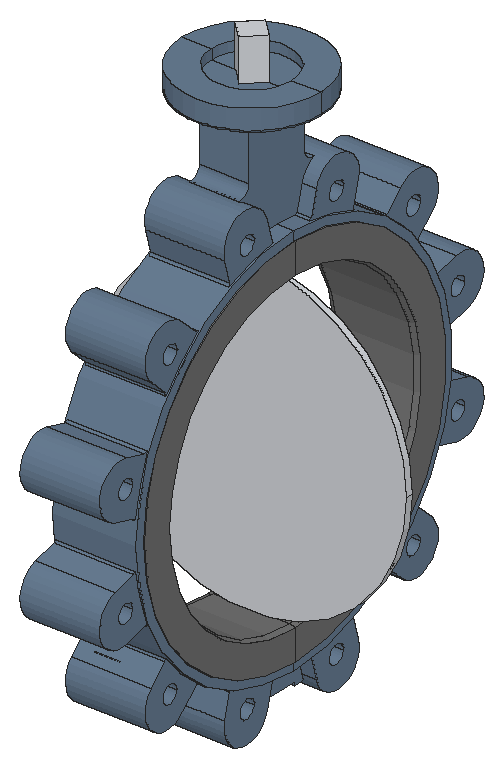
Revit family "HERZ Isolating Butterfly Valves AF-4219", category Rohrzubehör, Revit 2021 (continued)
Lines and regions (mm)
  model lines, detail levels coarse+medium
    curve 10: line (39, 0, 183) -> (-39, 0, 183)
    curve 11: line (39, 0, -183) -> (-39, 0, 183)
    curve 12: circle (0, 0, 0) r 5 normal (0, -1, 0)
Dimensions and locks
  "H01": Revolve 2 sketch curve to plane 2
  "H02": Revolve 2 sketch curve to Revolve 2 sketch curve
  "R01": Revolve 2 sketch curve to Revolve 2 sketch curve
  "D01": plane 2 to Revolve 1 sketch curve
  "D02": plane 2 to Revolve 1 sketch curve
  "D03": plane 2 to Revolve 1 sketch curve
  "L01": Revolve 1 sketch curve to plane 3 "Mitte (Links/rechts)"
  "L02": plane 3 "Mitte (Links/rechts)" to Revolve 1 sketch curve  (x2)
  "D05": Revolve 6 sketch curve to plane 2
  "D04": Revolve 6 sketch curve to plane 2  (x2)
  "D02": Revolve 6 sketch curve to plane 2  (x2)
  "L03": plane 3 "Mitte (Links/rechts)" to Revolve 6 sketch curve
  "L02": Revolve 6 sketch curve to plane 3 "Mitte (Links/rechts)"
  "L03": Revolve 6 sketch curve to plane 3 "Mitte (Links/rechts)"
  "L01": plane 3 "Mitte (Links/rechts)" to Revolve 1 sketch curve
  "D02": Revolve 1 sketch curve to plane 2
  "L02": plane 3 "Mitte (Links/rechts)" to Revolve 6 sketch curve
  "D03": plane 2 to Revolve 6 sketch curve
  "L04": Revolve 6 sketch curve to plane 3 "Mitte (Links/rechts)" to Revolve 6 sketch curve
  "L01": curve 2 to plane 3 "Mitte (Links/rechts)" to curve 4
  equal spacing: curve 3, curve 6, curve 1
  equal spacing: curve 2, curve 6, curve 4
  "D01": curve 1 to plane 1 "Mitte (Vorne/hinten)" to curve 3
  "L01": curve 7 to curve 12 to curve 9
  "D01": curve 10 to curve 12 to curve 8
  "H03": Revolve 2 sketch curve to Revolve 2 sketch curve
  "R02": Revolve 2 sketch curve to Revolve 2 sketch curve
  equal spacing: Extrusion 24 sketch curve, curve 11, Extrusion 24 sketch curve  (x2)
  "L05": Extrusion 24 sketch curve to Extrusion 24 sketch curve  (x2)
  "H04": Extrusion 24 to plane 2
  "H05": Extrusion 24 to Revolve 2
  "R99": radius of Revolve 2 sketch curve
  "D06": radius of Extrusion 7 sketch curve
  radius of curve 6 = 5.000 mm
  radius of curve 12 = 5.000 mm
  aligned and locked: level to plane 2
Automatic sketch dimensions
  Extrusion 3 sketch curve to Extrusion 3 sketch curve = 0.000 mm  (x20)
  Extrusion 3 sketch curve to level = 0.000 mm
  Extrusion 3 sketch curve to plane 1 "Mitte (Vorne/hinten)" = 0.000 mm
  plane 1 "Mitte (Vorne/hinten)" to Extrusion 3 sketch curve = 18.495 mm  (x2)
  Extrusion 3 sketch curve to Extrusion 3 sketch curve = 1.414 mm  (x16)
  Extrusion 3 sketch curve to Extrusion 3 sketch curve = 12.265 mm  (x8)
  Extrusion 3 sketch curve to level = 19.909 mm  (x2)
  Extrusion 3 sketch curve to Extrusion 3 sketch curve = 24.042 mm  (x8)
  level to Extrusion 3 sketch curve = 19.909 mm  (x2)
  Extrusion 3 sketch curve to Extrusion 3 sketch curve = 12.021 mm  (x12)
  Extrusion 3 sketch curve to plane 1 "Mitte (Vorne/hinten)" = 18.495 mm  (x2)
  Extrusion 3 sketch curve to Extrusion 3 sketch curve = 0.934 mm  (x4)
  Extrusion 4 sketch curve to level = 0.000 mm
  Extrusion 4 sketch curve to plane 1 "Mitte (Vorne/hinten)" = 0.000 mm
  plane 1 "Mitte (Vorne/hinten)" to Extrusion 4 sketch curve = 18.495 mm
  Extrusion 4 sketch curve to Extrusion 4 sketch curve = 1.414 mm  (x4)
  plane 1 "Mitte (Vorne/hinten)" to Extrusion 4 sketch curve = 20.000 mm
  Extrusion 4 sketch curve to Extrusion 4 sketch curve = 12.265 mm  (x2)
  Extrusion 4 sketch curve to Extrusion 4 sketch curve = 15.000 mm  (x2)
  Extrusion 4 sketch curve to Extrusion 4 sketch curve = 12.021 mm  (x4)
  Extrusion 4 sketch curve to plane 1 "Mitte (Vorne/hinten)" = 18.495 mm
  Extrusion 4 sketch curve to plane 1 "Mitte (Vorne/hinten)" = 20.000 mm
  level to Extrusion 4 sketch curve = 43.950 mm
  Extrusion 4 sketch curve to Extrusion 4 sketch curve = 0.000 mm
  Extrusion 4 sketch curve to Extrusion 4 sketch curve = 0.244 mm  (x2)
  Extrusion 4 sketch curve to Extrusion 4 sketch curve = 18.630 mm  (x2)
  Extrusion 4 sketch curve to Extrusion 4 sketch curve = 0.934 mm
  Extrusion 5 sketch curve to level = 0.000 mm
  Extrusion 5 sketch curve to plane 1 "Mitte (Vorne/hinten)" = 0.000 mm
  plane 1 "Mitte (Vorne/hinten)" to Extrusion 5 sketch curve = 15.000 mm
  Extrusion 5 sketch curve to Extrusion 5 sketch curve = 1.963 mm  (x2)
  Extrusion 5 sketch curve to Extrusion 5 sketch curve = 1.531 mm  (x2)
  Extrusion 5 sketch curve to Extrusion 5 sketch curve = 1.414 mm  (x4)
  Extrusion 5 sketch curve to Extrusion 5 sketch curve = 15.210 mm  (x2)
  Extrusion 5 sketch curve to Extrusion 5 sketch curve = 1.660 mm  (x2)
  Extrusion 5 sketch curve to Extrusion 5 sketch curve = 12.021 mm  (x3)
  Extrusion 5 sketch curve to plane 1 "Mitte (Vorne/hinten)" = 15.000 mm
  Extrusion 5 sketch curve to Extrusion 5 sketch curve = 1.037 mm  (x2)
  Extrusion 5 sketch curve to Extrusion 5 sketch curve = 1.400 mm  (x2)
  Extrusion 5 sketch curve to Extrusion 5 sketch curve = 1.785 mm  (x2)
  Extrusion 5 sketch curve to Extrusion 5 sketch curve = 12.635 mm  (x2)
  Extrusion 5 sketch curve to Extrusion 5 sketch curve = 0.934 mm
  Extrusion 5 sketch curve to Extrusion 5 sketch curve = 0.788 mm  (x2)
  Extrusion 5 sketch curve to Extrusion 5 sketch curve = 0.000 mm  (x2)
  Extrusion 4 sketch curve to Extrusion 4 sketch curve = 37.155 mm
  Extrusion 5 sketch curve to level = 43.950 mm
  Extrusion 8 sketch curve to Extrusion 8 sketch curve = 0.000 mm  (x12)
  Extrusion 8 sketch curve to level = 39.244 mm  (x2)
  plane 1 "Mitte (Vorne/hinten)" to Extrusion 8 sketch curve = 63.286 mm
  level to Extrusion 8 sketch curve = 39.244 mm  (x2)
  Extrusion 8 sketch curve to Extrusion 8 sketch curve = 9.190 mm  (x2)
  level to Extrusion 8 sketch curve = 28.614 mm  (x2)
  Extrusion 8 sketch curve to Extrusion 8 sketch curve = 1.441 mm  (x8)
  Extrusion 8 sketch curve to level = 28.614 mm  (x2)
  Extrusion 8 sketch curve to Extrusion 8 sketch curve = 12.021 mm  (x6)
  level to Extrusion 8 sketch curve = 63.286 mm  (x2)
  Extrusion 8 sketch curve to level = 63.286 mm  (x2)
  level to Extrusion 8 sketch curve = 52.636 mm  (x2)
  Extrusion 8 sketch curve to Extrusion 8 sketch curve = 10.650 mm  (x4)
  Extrusion 8 sketch curve to level = 52.636 mm  (x2)
  Extrusion 8 sketch curve to Extrusion 8 sketch curve = 1.414 mm  (x8)
  level to Extrusion 8 sketch curve = 0.001 mm  (x2)
  Extrusion 8 sketch curve to Extrusion 8 sketch curve = 28.594 mm
  Extrusion 8 sketch curve to level = 0.001 mm  (x2)
  Extrusion 8 sketch curve to Extrusion 8 sketch curve = 0.001 mm  (x2)
  Extrusion 8 sketch curve to Extrusion 8 sketch curve = 54.361 mm  (x2)
  Extrusion 8 sketch curve to Extrusion 8 sketch curve = 1.390 mm  (x2)
  Extrusion 8 sketch curve to Extrusion 8 sketch curve = 10.630 mm  (x2)
  Extrusion 8 sketch curve to Extrusion 8 sketch curve = 1.832 mm  (x2)
  Extrusion 9 sketch curve to Extrusion 9 sketch curve = 0.000 mm  (x5)
  Extrusion 9 sketch curve to level = 0.000 mm
  Extrusion 9 sketch curve to level = 51.265 mm
  plane 1 "Mitte (Vorne/hinten)" to Extrusion 9 sketch curve = 51.265 mm
  level to Extrusion 9 sketch curve = 51.265 mm
  Extrusion 9 sketch curve to Extrusion 9 sketch curve = 9.247 mm  (x3)
  Extrusion 9 sketch curve to level = 63.286 mm  (x2)
  Extrusion 9 sketch curve to Extrusion 9 sketch curve = 2.774 mm  (x4)
  level to Extrusion 9 sketch curve = 63.286 mm  (x2)
  Extrusion 9 sketch curve to Extrusion 9 sketch curve = 2.244 mm  (x2)
  Extrusion 9 sketch curve to Extrusion 9 sketch curve = 0.183 mm  (x2)
  level to Extrusion 9 sketch curve = 52.636 mm  (x2)
  Extrusion 9 sketch curve to Extrusion 9 sketch curve = 10.650 mm  (x3)
  Extrusion 9 sketch curve to level = 52.636 mm  (x2)
  Extrusion 9 sketch curve to Extrusion 9 sketch curve = 1.414 mm  (x8)
  Extrusion 9 sketch curve to Extrusion 9 sketch curve = 14.817 mm  (x2)
  Extrusion 9 sketch curve to Extrusion 9 sketch curve = 7.210 mm
  Extrusion 9 sketch curve to Extrusion 9 sketch curve = 1.971 mm
  Extrusion 9 sketch curve to Extrusion 9 sketch curve = 28.595 mm
  Extrusion 9 sketch curve to Extrusion 9 sketch curve = 36.000 mm
  Extrusion 9 sketch curve to Extrusion 9 sketch curve = 1.997 mm
  Extrusion 9 sketch curve to Extrusion 9 sketch curve = 44.000 mm
  Extrusion 9 sketch curve to Extrusion 9 sketch curve = 5.181 mm
  Extrusion 9 sketch curve to Extrusion 9 sketch curve = 7.184 mm
  Extrusion 9 sketch curve to Extrusion 9 sketch curve = 12.021 mm  (x2)
  Extrusion 9 sketch curve to Extrusion 9 sketch curve = 14.891 mm
  Extrusion 9 sketch curve to Extrusion 9 sketch curve = 6.473 mm
  Extrusion 9 sketch curve to Extrusion 9 sketch curve = 12.756 mm  (x2)
  Extrusion 9 sketch curve to Extrusion 9 sketch curve = 55.987 mm
  Extrusion 10 sketch curve to Extrusion 10 sketch curve = 0.000 mm  (x48)
  level to Extrusion 10 sketch curve = 14.909 mm  (x2)
  plane 1 "Mitte (Vorne/hinten)" to Extrusion 10 sketch curve = 80.416 mm
  Extrusion 10 sketch curve to level = 14.909 mm  (x2)
  Extrusion 10 sketch curve to Extrusion 10 sketch curve = 6.506 mm  (x6)
  Extrusion 10 sketch curve to level = 46.321 mm  (x2)
  level to Extrusion 10 sketch curve = 46.321 mm  (x2)
  Extrusion 10 sketch curve to level = 7.243 mm
  Extrusion 10 sketch curve to Extrusion 10 sketch curve = 13.321 mm
  level to Extrusion 10 sketch curve = 7.243 mm
  Extrusion 10 sketch curve to level = 9.076 mm  (x2)
  Extrusion 10 sketch curve to Extrusion 10 sketch curve = 0.759 mm  (x8)
  level to Extrusion 10 sketch curve = 9.076 mm  (x2)
  level to Extrusion 10 sketch curve = 40.487 mm  (x2)
  Extrusion 10 sketch curve to Extrusion 10 sketch curve = 14.082 mm  (x4)
  Extrusion 10 sketch curve to level = 40.487 mm  (x2)
  Extrusion 10 sketch curve to Extrusion 10 sketch curve = 0.758 mm  (x8)
  level to Extrusion 10 sketch curve = 67.405 mm  (x2)
  Extrusion 10 sketch curve to Extrusion 10 sketch curve = 6.243 mm  (x2)
  Extrusion 10 sketch curve to level = 67.405 mm  (x2)
  Extrusion 10 sketch curve to Extrusion 10 sketch curve = 10.245 mm  (x4)
  level to Extrusion 10 sketch curve = 53.322 mm  (x2)
  Extrusion 10 sketch curve to Extrusion 10 sketch curve = 1.831 mm  (x8)
  Extrusion 10 sketch curve to level = 53.322 mm  (x2)
  Extrusion 10 sketch curve to Extrusion 10 sketch curve = 15.706 mm  (x6)
  level to Extrusion 10 sketch curve = 80.416 mm  (x2)
  Extrusion 10 sketch curve to level = 80.416 mm  (x2)
  Extrusion 10 sketch curve to level = 66.335 mm  (x2)
  Extrusion 10 sketch curve to Extrusion 10 sketch curve = 5.832 mm  (x4)
  level to Extrusion 10 sketch curve = 66.335 mm  (x2)
  Extrusion 10 sketch curve to Extrusion 10 sketch curve = 1.833 mm  (x6)
  level to Extrusion 10 sketch curve = 0.000 mm
  Extrusion 10 sketch curve to Extrusion 10 sketch curve = 14.486 mm  (x2)
  Extrusion 10 sketch curve to Extrusion 10 sketch curve = 9.873 mm  (x2)
  Extrusion 10 sketch curve to Extrusion 10 sketch curve = 5.833 mm  (x2)
  Extrusion 10 sketch curve to Extrusion 10 sketch curve = 13.013 mm
  Extrusion 10 sketch curve to Extrusion 10 sketch curve = 14.081 mm  (x2)
  Extrusion 10 sketch curve to Extrusion 10 sketch curve = 1.973 mm  (x4)
  Extrusion 10 sketch curve to Extrusion 10 sketch curve = 1.544 mm  (x4)
  Extrusion 10 sketch curve to Extrusion 10 sketch curve = 1.243 mm  (x3)
  Extrusion 10 sketch curve to Extrusion 10 sketch curve = 0.211 mm  (x2)
  Extrusion 10 sketch curve to Extrusion 10 sketch curve = 0.002 mm  (x5)
  Extrusion 10 sketch curve to Extrusion 10 sketch curve = 0.213 mm  (x2)
  Extrusion 10 sketch curve to Extrusion 10 sketch curve = 41.076 mm
  Extrusion 10 sketch curve to level = 0.000 mm
  level to Extrusion 11 sketch curve = 100.814 mm
  plane 1 "Mitte (Vorne/hinten)" to Extrusion 11 sketch curve = 32.000 mm
  Extrusion 11 sketch curve to Extrusion 11 sketch curve = 1.385 mm
  Extrusion 11 sketch curve to Extrusion 11 sketch curve = 10.000 mm  (x2)
  Extrusion 11 sketch curve to level = 80.416 mm
  Extrusion 11 sketch curve to Extrusion 11 sketch curve = 15.706 mm  (x3)
  level to Extrusion 11 sketch curve = 80.416 mm  (x2)
  Extrusion 11 sketch curve to Extrusion 11 sketch curve = 1.409 mm
  Extrusion 11 sketch curve to level = 66.335 mm  (x2)
  Extrusion 11 sketch curve to Extrusion 11 sketch curve = 5.832 mm  (x3)
  level to Extrusion 11 sketch curve = 66.335 mm  (x2)
  Extrusion 11 sketch curve to Extrusion 11 sketch curve = 1.833 mm  (x4)
  level to Extrusion 11 sketch curve = 0.554 mm
  Extrusion 11 sketch curve to Extrusion 11 sketch curve = 9.076 mm
  Extrusion 11 sketch curve to level = 0.554 mm
  Extrusion 11 sketch curve to Extrusion 11 sketch curve = 0.000 mm  (x3)
  Extrusion 11 sketch curve to Extrusion 11 sketch curve = 14.486 mm  (x2)
  Extrusion 11 sketch curve to Extrusion 11 sketch curve = 44.000 mm
  Extrusion 11 sketch curve to Extrusion 11 sketch curve = 0.759 mm  (x4)
  Extrusion 11 sketch curve to Extrusion 11 sketch curve = 6.506 mm
  Extrusion 11 sketch curve to Extrusion 11 sketch curve = 42.686 mm
  Extrusion 11 sketch curve to level = 80.371 mm
  Extrusion 11 sketch curve to Extrusion 11 sketch curve = 1.390 mm
  Extrusion 11 sketch curve to Extrusion 11 sketch curve = 27.000 mm
  Extrusion 12 sketch curve to Extrusion 12 sketch curve = 0.000 mm  (x40)
  Extrusion 12 sketch curve to level = 0.000 mm
  level to Extrusion 12 sketch curve = 18.736 mm  (x2)
  plane 1 "Mitte (Vorne/hinten)" to Extrusion 12 sketch curve = 89.655 mm
  Extrusion 12 sketch curve to level = 18.736 mm  (x2)
  Extrusion 12 sketch curve to Extrusion 12 sketch curve = 6.506 mm  (x6)
  Extrusion 12 sketch curve to level = 50.147 mm  (x2)
  level to Extrusion 12 sketch curve = 50.147 mm  (x2)
  Extrusion 12 sketch curve to Extrusion 12 sketch curve = 13.415 mm  (x2)
  Extrusion 12 sketch curve to level = 12.858 mm  (x2)
  Extrusion 12 sketch curve to Extrusion 12 sketch curve = 0.776 mm  (x8)
  level to Extrusion 12 sketch curve = 12.858 mm  (x2)
  Extrusion 12 sketch curve to level = 44.269 mm  (x2)
  Extrusion 12 sketch curve to Extrusion 12 sketch curve = 14.192 mm  (x4)
  level to Extrusion 12 sketch curve = 44.269 mm  (x2)
  Extrusion 12 sketch curve to Extrusion 12 sketch curve = 0.775 mm  (x8)
  level to Extrusion 12 sketch curve = 76.644 mm  (x2)
  Extrusion 12 sketch curve to Extrusion 12 sketch curve = 11.529 mm  (x2)
  Extrusion 12 sketch curve to level = 76.644 mm  (x2)
  Extrusion 12 sketch curve to Extrusion 12 sketch curve = 4.008 mm  (x2)
  level to Extrusion 12 sketch curve = 62.451 mm  (x2)
  Extrusion 12 sketch curve to Extrusion 12 sketch curve = 1.871 mm  (x8)
  Extrusion 12 sketch curve to level = 62.451 mm  (x2)
  Extrusion 12 sketch curve to Extrusion 12 sketch curve = 15.706 mm  (x6)
  level to Extrusion 12 sketch curve = 89.655 mm  (x2)
  Extrusion 12 sketch curve to level = 89.655 mm  (x2)
  Extrusion 12 sketch curve to level = 75.464 mm  (x2)
  Extrusion 12 sketch curve to Extrusion 12 sketch curve = 5.878 mm  (x4)
  level to Extrusion 12 sketch curve = 75.464 mm  (x2)
  Extrusion 12 sketch curve to Extrusion 12 sketch curve = 1.873 mm  (x8)
  Extrusion 12 sketch curve to Extrusion 12 sketch curve = 21.969 mm  (x2)
  Extrusion 12 sketch curve to Extrusion 12 sketch curve = 9.827 mm  (x2)
  Extrusion 12 sketch curve to Extrusion 12 sketch curve = 5.879 mm  (x2)
  Extrusion 12 sketch curve to Extrusion 12 sketch curve = 15.537 mm  (x2)
  Extrusion 12 sketch curve to Extrusion 12 sketch curve = 13.013 mm
  Extrusion 12 sketch curve to Extrusion 12 sketch curve = 14.190 mm  (x2)
  Extrusion 12 sketch curve to Extrusion 12 sketch curve = 44.269 mm
  Extrusion 13 sketch curve to Extrusion 13 sketch curve = 0.000 mm  (x5)
  Extrusion 13 sketch curve to level = 0.000 mm
  level to Extrusion 13 sketch curve = 114.470 mm
  plane 1 "Mitte (Vorne/hinten)" to Extrusion 13 sketch curve = 41.000 mm
  Extrusion 13 sketch curve to level = 83.149 mm
  Extrusion 13 sketch curve to Extrusion 13 sketch curve = 6.558 mm  (x2)
  Extrusion 13 sketch curve to Extrusion 13 sketch curve = 15.000 mm  (x2)
  level to Extrusion 13 sketch curve = 89.655 mm  (x2)
  Extrusion 13 sketch curve to Extrusion 13 sketch curve = 15.706 mm  (x2)
  Extrusion 13 sketch curve to Extrusion 13 sketch curve = 5.236 mm  (x2)
  level to Extrusion 13 sketch curve = 75.464 mm  (x2)
  Extrusion 13 sketch curve to Extrusion 13 sketch curve = 5.878 mm  (x3)
  Extrusion 13 sketch curve to level = 75.464 mm  (x2)
  Extrusion 13 sketch curve to Extrusion 13 sketch curve = 1.873 mm  (x4)
  Extrusion 13 sketch curve to Extrusion 13 sketch curve = 12.858 mm
  Extrusion 13 sketch curve to Extrusion 13 sketch curve = 21.969 mm
  Extrusion 13 sketch curve to Extrusion 13 sketch curve = 3.345 mm
  Extrusion 13 sketch curve to Extrusion 13 sketch curve = 3.000 mm  (x2)
  Extrusion 13 sketch curve to Extrusion 13 sketch curve = 6.506 mm  (x3)
  Extrusion 13 sketch curve to Extrusion 13 sketch curve = 0.776 mm  (x4)
  Extrusion 13 sketch curve to Extrusion 13 sketch curve = 31.321 mm
  Extrusion 13 sketch curve to Extrusion 13 sketch curve = 52.530 mm
  Extrusion 13 sketch curve to Extrusion 13 sketch curve = 11.129 mm  (x2)
  Extrusion 13 sketch curve to Extrusion 13 sketch curve = 9.812 mm  (x2)
  Extrusion 13 sketch curve to Extrusion 13 sketch curve = 3.078 mm
  Extrusion 13 sketch curve to Extrusion 13 sketch curve = 21.680 mm
  Extrusion 13 sketch curve to Extrusion 13 sketch curve = 2.515 mm
  Extrusion 13 sketch curve to Extrusion 13 sketch curve = 52.000 mm
  Extrusion 14 sketch curve to Extrusion 14 sketch curve = 0.000 mm  (x22)
  Extrusion 14 sketch curve to level = 24.476 mm  (x2)
  plane 1 "Mitte (Vorne/hinten)" to Extrusion 14 sketch curve = 103.513 mm
  level to Extrusion 14 sketch curve = 24.476 mm  (x2)
  Extrusion 14 sketch curve to Extrusion 14 sketch curve = 6.506 mm  (x6)
  Extrusion 14 sketch curve to Extrusion 14 sketch curve = 11.623 mm  (x2)
  Extrusion 14 sketch curve to level = 19.351 mm  (x2)
  Extrusion 14 sketch curve to Extrusion 14 sketch curve = 0.749 mm  (x8)
  level to Extrusion 14 sketch curve = 19.351 mm  (x2)
  Extrusion 14 sketch curve to level = 55.888 mm  (x2)
  level to Extrusion 14 sketch curve = 55.888 mm  (x2)
  Extrusion 14 sketch curve to level = 50.783 mm  (x2)
  Extrusion 14 sketch curve to Extrusion 14 sketch curve = 12.323 mm  (x4)
  level to Extrusion 14 sketch curve = 50.783 mm  (x2)
  Extrusion 14 sketch curve to Extrusion 14 sketch curve = 0.774 mm  (x8)
  level to Extrusion 14 sketch curve = 90.502 mm  (x2)
  Extrusion 14 sketch curve to Extrusion 14 sketch curve = 21.517 mm  (x2)
  Extrusion 14 sketch curve to level = 90.502 mm  (x2)
  Extrusion 14 sketch curve to Extrusion 14 sketch curve = 3.235 mm  (x2)
  Extrusion 14 sketch curve to level = 78.179 mm  (x2)
  Extrusion 14 sketch curve to Extrusion 14 sketch curve = 1.869 mm  (x8)
  level to Extrusion 14 sketch curve = 78.179 mm  (x2)
  Extrusion 14 sketch curve to Extrusion 14 sketch curve = 15.706 mm  (x6)
  level to Extrusion 14 sketch curve = 103.513 mm  (x2)
  Extrusion 14 sketch curve to level = 103.513 mm  (x2)
  level to Extrusion 14 sketch curve = 91.141 mm  (x2)
  Extrusion 14 sketch curve to Extrusion 14 sketch curve = 5.125 mm  (x4)
  Extrusion 14 sketch curve to level = 91.141 mm  (x2)
  Extrusion 14 sketch curve to Extrusion 14 sketch curve = 1.809 mm  (x8)
  Extrusion 14 sketch curve to level = 0.103 mm  (x2)
  Extrusion 14 sketch curve to Extrusion 14 sketch curve = 90.896 mm
  level to Extrusion 14 sketch curve = 0.103 mm  (x2)
  Extrusion 14 sketch curve to Extrusion 14 sketch curve = 0.142 mm  (x7)
  Extrusion 14 sketch curve to Extrusion 14 sketch curve = 0.207 mm  (x2)
  Extrusion 14 sketch curve to Extrusion 14 sketch curve = 35.084 mm  (x2)
  Extrusion 14 sketch curve to Extrusion 14 sketch curve = 10.601 mm  (x2)
  Extrusion 14 sketch curve to Extrusion 14 sketch curve = 5.104 mm  (x2)
  Extrusion 14 sketch curve to Extrusion 14 sketch curve = 24.752 mm  (x2)
  Extrusion 14 sketch curve to Extrusion 14 sketch curve = 12.962 mm  (x2)
  Extrusion 14 sketch curve to Extrusion 14 sketch curve = 12.372 mm  (x2)
  Extrusion 14 sketch curve to level = 0.245 mm
  Extrusion 14 sketch curve to Extrusion 14 sketch curve = 1.933 mm  (x2)
  Extrusion 14 sketch curve to Extrusion 14 sketch curve = 0.314 mm  (x2)
  level to Extrusion 15 sketch curve = 97.007 mm
  plane 1 "Mitte (Vorne/hinten)" to Extrusion 15 sketch curve = 40.182 mm
  Extrusion 15 sketch curve to level = 97.007 mm
  Extrusion 15 sketch curve to Extrusion 15 sketch curve = 0.000 mm  (x7)
  Extrusion 15 sketch curve to Extrusion 15 sketch curve = 4.132 mm
  Extrusion 15 sketch curve to Extrusion 15 sketch curve = 10.048 mm  (x2)
  Extrusion 15 sketch curve to Extrusion 15 sketch curve = 15.706 mm  (x3)
  level to Extrusion 15 sketch curve = 103.513 mm  (x2)
  level to Extrusion 15 sketch curve = 91.141 mm  (x2)
  Extrusion 15 sketch curve to Extrusion 15 sketch curve = 5.125 mm  (x3)
  Extrusion 15 sketch curve to level = 91.141 mm  (x2)
  Extrusion 15 sketch curve to Extrusion 15 sketch curve = 1.809 mm  (x4)
  Extrusion 15 sketch curve to Extrusion 15 sketch curve = 10.974 mm  (x2)
  Extrusion 15 sketch curve to level = 0.111 mm
  Extrusion 15 sketch curve to Extrusion 15 sketch curve = 19.350 mm
  level to Extrusion 15 sketch curve = 0.111 mm
  Extrusion 15 sketch curve to Extrusion 15 sketch curve = 35.081 mm
  Extrusion 15 sketch curve to Extrusion 15 sketch curve = 4.041 mm
  Extrusion 15 sketch curve to level = 103.513 mm
  Extrusion 15 sketch curve to Extrusion 15 sketch curve = 9.998 mm  (x2)
  Extrusion 15 sketch curve to Extrusion 15 sketch curve = 3.000 mm
  Extrusion 15 sketch curve to Extrusion 15 sketch curve = 6.505 mm  (x2)
  Extrusion 15 sketch curve to Extrusion 15 sketch curve = 0.749 mm  (x4)
  Extrusion 15 sketch curve to Extrusion 15 sketch curve = 20.176 mm  (x2)
  Extrusion 15 sketch curve to Extrusion 15 sketch curve = 62.311 mm
  Extrusion 15 sketch curve to Extrusion 15 sketch curve = 0.048 mm
  Extrusion 15 sketch curve to Extrusion 15 sketch curve = 11.626 mm  (x2)
  Extrusion 15 sketch curve to Extrusion 15 sketch curve = 27.000 mm
  Extrusion 15 sketch curve to Extrusion 15 sketch curve = 52.000 mm
  Extrusion 16 sketch curve to Extrusion 16 sketch curve = 0.000 mm  (x23)
  Extrusion 16 sketch curve to level = 26.521 mm  (x2)
  plane 1 "Mitte (Vorne/hinten)" to Extrusion 16 sketch curve = 118.902 mm
  level to Extrusion 16 sketch curve = 26.521 mm  (x2)
  Extrusion 16 sketch curve to Extrusion 16 sketch curve = 8.036 mm  (x6)
  Extrusion 16 sketch curve to Extrusion 16 sketch curve = 15.875 mm  (x2)
  level to Extrusion 16 sketch curve = 65.323 mm  (x2)
  Extrusion 16 sketch curve to level = 65.323 mm  (x2)
  level to Extrusion 16 sketch curve = 19.621 mm  (x2)
  Extrusion 16 sketch curve to Extrusion 16 sketch curve = 0.782 mm  (x8)
  Extrusion 16 sketch curve to level = 19.621 mm  (x2)
  Extrusion 16 sketch curve to level = 58.409 mm  (x2)
  Extrusion 16 sketch curve to Extrusion 16 sketch curve = 16.693 mm  (x4)
  level to Extrusion 16 sketch curve = 58.409 mm  (x2)
  Extrusion 16 sketch curve to Extrusion 16 sketch curve = 0.763 mm  (x8)
  Extrusion 16 sketch curve to level = 102.829 mm  (x2)
  Extrusion 16 sketch curve to Extrusion 16 sketch curve = 20.050 mm  (x2)
  level to Extrusion 16 sketch curve = 102.829 mm  (x2)
  Extrusion 16 sketch curve to Extrusion 16 sketch curve = 5.074 mm  (x2)
  level to Extrusion 16 sketch curve = 86.136 mm  (x2)
  Extrusion 16 sketch curve to Extrusion 16 sketch curve = 1.841 mm  (x8)
  Extrusion 16 sketch curve to level = 86.136 mm  (x2)
  Extrusion 16 sketch curve to Extrusion 16 sketch curve = 19.401 mm  (x6)
  level to Extrusion 16 sketch curve = 118.902 mm  (x2)
  Extrusion 16 sketch curve to level = 118.902 mm  (x2)
  level to Extrusion 16 sketch curve = 102.246 mm  (x2)
  Extrusion 16 sketch curve to Extrusion 16 sketch curve = 6.899 mm  (x4)
  Extrusion 16 sketch curve to level = 102.246 mm  (x2)
  Extrusion 16 sketch curve to Extrusion 16 sketch curve = 1.887 mm  (x8)
  level to Extrusion 16 sketch curve = 0.002 mm  (x2)
  Extrusion 16 sketch curve to Extrusion 16 sketch curve = 86.133 mm
  Extrusion 16 sketch curve to level = 0.002 mm
  Extrusion 16 sketch curve to Extrusion 16 sketch curve = 0.001 mm  (x8)
  Extrusion 16 sketch curve to Extrusion 16 sketch curve = 35.469 mm  (x2)
  Extrusion 16 sketch curve to Extrusion 16 sketch curve = 12.487 mm  (x2)
  Extrusion 16 sketch curve to Extrusion 16 sketch curve = 6.914 mm  (x2)
  Extrusion 16 sketch curve to Extrusion 16 sketch curve = 25.124 mm  (x2)
  Extrusion 16 sketch curve to Extrusion 16 sketch curve = 16.110 mm
  Extrusion 16 sketch curve to Extrusion 16 sketch curve = 16.656 mm  (x2)
  Extrusion 16 sketch curve to level = 0.003 mm
  Extrusion 16 sketch curve to Extrusion 16 sketch curve = 2.019 mm  (x2)
  Extrusion 16 sketch curve to Extrusion 16 sketch curve = 0.309 mm  (x2)
  Extrusion 16 sketch curve to Extrusion 16 sketch curve = 0.004 mm  (x2)
  Extrusion 17 sketch curve to Extrusion 17 sketch curve = 0.000 mm  (x7)
  Extrusion 17 sketch curve to level = 0.000 mm
  Extrusion 17 sketch curve to plane 1 "Mitte (Vorne/hinten)" = 0.000 mm
  plane 1 "Mitte (Vorne/hinten)" to Extrusion 17 sketch curve = 13.500 mm
  plane 1 "Mitte (Vorne/hinten)" to Extrusion 17 sketch curve = 17.734 mm  (x2)
  Extrusion 17 sketch curve to Extrusion 17 sketch curve = 1.887 mm  (x4)
  plane 1 "Mitte (Vorne/hinten)" to Extrusion 17 sketch curve = 26.000 mm
  Extrusion 17 sketch curve to Extrusion 17 sketch curve = 0.521 mm
  Extrusion 17 sketch curve to Extrusion 17 sketch curve = 13.021 mm  (x2)
  Extrusion 17 sketch curve to Extrusion 17 sketch curve = 4.341 mm  (x2)
  Extrusion 17 sketch curve to Extrusion 17 sketch curve = 10.000 mm  (x2)
  Extrusion 17 sketch curve to Extrusion 17 sketch curve = 19.401 mm  (x4)
  Extrusion 17 sketch curve to plane 1 "Mitte (Vorne/hinten)" = 13.500 mm
  Extrusion 17 sketch curve to plane 1 "Mitte (Vorne/hinten)" = 17.734 mm  (x2)
  Extrusion 17 sketch curve to Extrusion 17 sketch curve = 6.899 mm
  Extrusion 17 sketch curve to level = 102.246 mm
  Extrusion 17 sketch curve to Extrusion 17 sketch curve = 0.782 mm  (x4)
  Extrusion 17 sketch curve to Extrusion 17 sketch curve = 8.620 mm  (x4)
  Extrusion 17 sketch curve to Extrusion 17 sketch curve = 16.656 mm  (x4)
  Extrusion 17 sketch curve to Extrusion 17 sketch curve = 3.000 mm
  level to Extrusion 17 sketch curve = 102.246 mm
  Extrusion 17 sketch curve to Extrusion 17 sketch curve = 16.098 mm  (x2)
  Extrusion 17 sketch curve to Extrusion 17 sketch curve = 64.000 mm
  Extrusion 17 sketch curve to Extrusion 17 sketch curve = 4.938 mm
  Extrusion 18 sketch curve to Extrusion 18 sketch curve = 0.000 mm  (x62)
  Extrusion 18 sketch curve to level = 0.000 mm
  Extrusion 18 sketch curve to level = 17.891 mm  (x2)
  plane 1 "Mitte (Vorne/hinten)" to Extrusion 18 sketch curve = 147.909 mm
  level to Extrusion 18 sketch curve = 17.891 mm  (x2)
  Extrusion 18 sketch curve to Extrusion 18 sketch curve = 5.435 mm  (x6)
  Extrusion 18 sketch curve to level = 58.460 mm  (x2)
  level to Extrusion 18 sketch curve = 58.460 mm  (x2)
  Extrusion 18 sketch curve to Extrusion 18 sketch curve = 15.462 mm  (x2)
  level to Extrusion 18 sketch curve = 13.612 mm  (x2)
  Extrusion 18 sketch curve to Extrusion 18 sketch curve = 0.509 mm  (x8)
  Extrusion 18 sketch curve to level = 13.612 mm  (x2)
  Extrusion 18 sketch curve to level = 54.199 mm  (x2)
  Extrusion 18 sketch curve to Extrusion 18 sketch curve = 15.903 mm  (x4)
  level to Extrusion 18 sketch curve = 54.199 mm  (x2)
  Extrusion 18 sketch curve to Extrusion 18 sketch curve = 0.530 mm  (x8)
  Extrusion 18 sketch curve to level = 89.449 mm  (x2)
  Extrusion 18 sketch curve to Extrusion 18 sketch curve = 1.459 mm  (x2)
  level to Extrusion 18 sketch curve = 89.449 mm  (x2)
  Extrusion 18 sketch curve to Extrusion 18 sketch curve = 10.302 mm  (x2)
  Extrusion 18 sketch curve to level = 77.758 mm  (x2)
  Extrusion 18 sketch curve to Extrusion 18 sketch curve = 1.389 mm  (x8)
  level to Extrusion 18 sketch curve = 77.758 mm  (x2)
  Extrusion 18 sketch curve to Extrusion 18 sketch curve = 14.849 mm  (x6)
  Extrusion 18 sketch curve to level = 119.147 mm  (x2)
  level to Extrusion 18 sketch curve = 119.147 mm  (x2)
  level to Extrusion 18 sketch curve = 107.506 mm  (x2)
  Extrusion 18 sketch curve to Extrusion 18 sketch curve = 11.642 mm  (x4)
  Extrusion 18 sketch curve to level = 107.506 mm  (x2)
  Extrusion 18 sketch curve to Extrusion 18 sketch curve = 1.448 mm  (x8)
  level to Extrusion 18 sketch curve = 137.039 mm  (x2)
  Extrusion 18 sketch curve to Extrusion 18 sketch curve = 17.899 mm  (x2)
  Extrusion 18 sketch curve to level = 137.039 mm  (x2)
  Extrusion 18 sketch curve to Extrusion 18 sketch curve = 2.283 mm  (x2)
  Extrusion 18 sketch curve to level = 121.136 mm  (x2)
  Extrusion 18 sketch curve to Extrusion 18 sketch curve = 1.978 mm  (x8)
  level to Extrusion 18 sketch curve = 121.136 mm  (x2)
  Extrusion 18 sketch curve to Extrusion 18 sketch curve = 20.284 mm  (x6)
  Extrusion 18 sketch curve to level = 147.909 mm  (x2)
  level to Extrusion 18 sketch curve = 147.909 mm  (x2)
  level to Extrusion 18 sketch curve = 131.939 mm  (x2)
  Extrusion 18 sketch curve to Extrusion 18 sketch curve = 4.279 mm  (x4)
  Extrusion 18 sketch curve to level = 131.939 mm  (x2)
  Extrusion 18 sketch curve to Extrusion 18 sketch curve = 1.898 mm  (x8)
  Extrusion 18 sketch curve to Extrusion 18 sketch curve = 13.612 mm
  Extrusion 18 sketch curve to Extrusion 18 sketch curve = 23.429 mm  (x2)
  Extrusion 18 sketch curve to Extrusion 18 sketch curve = 16.023 mm  (x2)
  Extrusion 18 sketch curve to Extrusion 18 sketch curve = 4.261 mm  (x2)
  Extrusion 18 sketch curve to Extrusion 18 sketch curve = 20.183 mm  (x2)
  Extrusion 18 sketch curve to Extrusion 18 sketch curve = 3.158 mm  (x2)
  Extrusion 18 sketch curve to Extrusion 18 sketch curve = 11.691 mm  (x2)
  Extrusion 18 sketch curve to Extrusion 18 sketch curve = 11.760 mm  (x2)
  Extrusion 18 sketch curve to Extrusion 18 sketch curve = 10.803 mm
  Extrusion 18 sketch curve to Extrusion 18 sketch curve = 15.970 mm  (x2)
  Extrusion 19 sketch curve to Extrusion 19 sketch curve = 0.000 mm  (x5)
  Extrusion 19 sketch curve to level = 0.000 mm
  Extrusion 19 sketch curve to level = 142.474 mm
  plane 1 "Mitte (Vorne/hinten)" to Extrusion 19 sketch curve = 38.176 mm
  level to Extrusion 19 sketch curve = 142.474 mm
  Extrusion 19 sketch curve to Extrusion 19 sketch curve = 8.163 mm
  Extrusion 19 sketch curve to Extrusion 19 sketch curve = 2.013 mm  (x2)
  Extrusion 19 sketch curve to level = 147.909 mm
  Extrusion 19 sketch curve to Extrusion 19 sketch curve = 20.284 mm  (x3)
  level to Extrusion 19 sketch curve = 147.909 mm  (x2)
  Extrusion 19 sketch curve to Extrusion 19 sketch curve = 10.109 mm
  Extrusion 19 sketch curve to level = 131.939 mm  (x2)
  Extrusion 19 sketch curve to Extrusion 19 sketch curve = 4.279 mm  (x4)
  level to Extrusion 19 sketch curve = 131.939 mm  (x2)
  Extrusion 19 sketch curve to Extrusion 19 sketch curve = 1.898 mm  (x4)
  Extrusion 19 sketch curve to Extrusion 19 sketch curve = 13.612 mm
  Extrusion 19 sketch curve to Extrusion 19 sketch curve = 23.429 mm  (x2)
  Extrusion 19 sketch curve to Extrusion 19 sketch curve = 56.000 mm
  Extrusion 19 sketch curve to Extrusion 19 sketch curve = 5.435 mm  (x2)
  Extrusion 19 sketch curve to Extrusion 19 sketch curve = 0.509 mm  (x4)
  Extrusion 19 sketch curve to Extrusion 19 sketch curve = 16.081 mm  (x2)
  Extrusion 19 sketch curve to Extrusion 19 sketch curve = 66.010 mm
  Extrusion 19 sketch curve to Extrusion 19 sketch curve = 1.832 mm  (x2)
  Extrusion 19 sketch curve to Extrusion 19 sketch curve = 0.173 mm
  Extrusion 20 sketch curve to level = 22.097 mm  (x2)
  plane 1 "Mitte (Vorne/hinten)" to Extrusion 20 sketch curve = 177.618 mm
  level to Extrusion 20 sketch curve = 22.097 mm  (x2)
  Extrusion 20 sketch curve to Extrusion 20 sketch curve = 0.000 mm  (x17)
  Extrusion 20 sketch curve to Extrusion 20 sketch curve = 6.470 mm  (x4)
  Extrusion 20 sketch curve to Extrusion 20 sketch curve = 2.415 mm  (x8)
  level to Extrusion 20 sketch curve = 70.393 mm  (x2)
  Extrusion 20 sketch curve to level = 70.393 mm  (x2)
  Extrusion 20 sketch curve to Extrusion 20 sketch curve = 18.556 mm  (x2)
  Extrusion 20 sketch curve to level = 16.983 mm  (x2)
  Extrusion 20 sketch curve to Extrusion 20 sketch curve = 0.529 mm  (x16)
  level to Extrusion 20 sketch curve = 16.983 mm  (x2)
  level to Extrusion 20 sketch curve = 65.280 mm  (x2)
  Extrusion 20 sketch curve to Extrusion 20 sketch curve = 19.085 mm  (x6)
  Extrusion 20 sketch curve to level = 65.280 mm  (x2)
  Extrusion 20 sketch curve to level = 107.956 mm  (x2)
  Extrusion 20 sketch curve to Extrusion 20 sketch curve = 2.085 mm  (x2)
  level to Extrusion 20 sketch curve = 107.956 mm  (x2)
  Extrusion 20 sketch curve to Extrusion 20 sketch curve = 12.527 mm  (x2)
  level to Extrusion 20 sketch curve = 93.984 mm  (x2)
  Extrusion 20 sketch curve to Extrusion 20 sketch curve = 1.445 mm  (x16)
  Extrusion 20 sketch curve to level = 93.984 mm  (x2)
  Extrusion 20 sketch curve to Extrusion 20 sketch curve = 17.678 mm  (x4)
  Extrusion 20 sketch curve to Extrusion 20 sketch curve = 1.768 mm  (x8)
  level to Extrusion 20 sketch curve = 143.311 mm  (x2)
  Extrusion 20 sketch curve to level = 143.311 mm  (x2)
  Extrusion 20 sketch curve to level = 129.340 mm  (x2)
  Extrusion 20 sketch curve to Extrusion 20 sketch curve = 13.971 mm  (x6)
  level to Extrusion 20 sketch curve = 129.340 mm  (x2)
  level to Extrusion 20 sketch curve = 164.981 mm  (x2)
  Extrusion 20 sketch curve to Extrusion 20 sketch curve = 22.118 mm  (x2)
  Extrusion 20 sketch curve to level = 164.981 mm  (x2)
  Extrusion 20 sketch curve to Extrusion 20 sketch curve = 3.140 mm  (x2)
  level to Extrusion 20 sketch curve = 145.897 mm  (x2)
  Extrusion 20 sketch curve to Extrusion 20 sketch curve = 1.974 mm  (x8)
  Extrusion 20 sketch curve to level = 145.897 mm  (x2)
  Extrusion 20 sketch curve to Extrusion 20 sketch curve = 24.148 mm  (x4)
  Extrusion 20 sketch curve to Extrusion 20 sketch curve = 0.647 mm  (x8)
  level to Extrusion 20 sketch curve = 177.922 mm  (x2)
  Extrusion 20 sketch curve to level = 177.922 mm  (x2)
  level to Extrusion 20 sketch curve = 158.837 mm  (x2)
  Extrusion 20 sketch curve to Extrusion 20 sketch curve = 5.114 mm  (x6)
  Extrusion 20 sketch curve to level = 158.837 mm  (x2)
  Extrusion 20 sketch curve to Extrusion 20 sketch curve = 1.973 mm  (x8)
  Extrusion 20 sketch curve to level = 0.226 mm  (x2)
  Extrusion 20 sketch curve to Extrusion 20 sketch curve = 158.098 mm
  level to Extrusion 20 sketch curve = 0.226 mm
  level to Extrusion 20 sketch curve = 0.072 mm
  Extrusion 20 sketch curve to Extrusion 20 sketch curve = 0.128 mm  (x3)
  Extrusion 20 sketch curve to level = 0.072 mm
  Extrusion 20 sketch curve to Extrusion 20 sketch curve = 0.061 mm  (x4)
  Extrusion 20 sketch curve to level = 0.036 mm  (x2)
  Extrusion 20 sketch curve to Extrusion 20 sketch curve = 0.324 mm
  Extrusion 20 sketch curve to Extrusion 20 sketch curve = 29.244 mm  (x2)
  Extrusion 20 sketch curve to Extrusion 20 sketch curve = 23.501 mm  (x2)
  Extrusion 20 sketch curve to Extrusion 20 sketch curve = 19.681 mm  (x2)
  Extrusion 20 sketch curve to Extrusion 20 sketch curve = 25.258 mm  (x2)
  Extrusion 20 sketch curve to Extrusion 20 sketch curve = 15.910 mm  (x2)
  Extrusion 20 sketch curve to Extrusion 20 sketch curve = 5.474 mm  (x2)
  Extrusion 20 sketch curve to Extrusion 20 sketch curve = 14.612 mm  (x2)
  Extrusion 20 sketch curve to Extrusion 20 sketch curve = 12.940 mm
  Extrusion 20 sketch curve to Extrusion 20 sketch curve = 4.056 mm  (x2)
  Extrusion 20 sketch curve to Extrusion 20 sketch curve = 0.035 mm  (x2)
  level to Extrusion 20 sketch curve = 0.036 mm  (x2)
  Extrusion 20 sketch curve to Extrusion 20 sketch curve = 0.154 mm
  Extrusion 20 sketch curve to Extrusion 20 sketch curve = 2.037 mm  (x4)
  Extrusion 20 sketch curve to Extrusion 20 sketch curve = 1.856 mm  (x4)
  Extrusion 20 sketch curve to Extrusion 20 sketch curve = 1.841 mm  (x4)
  Extrusion 20 sketch curve to Extrusion 20 sketch curve = 1.179 mm  (x4)
  Extrusion 20 sketch curve to Extrusion 20 sketch curve = 0.856 mm  (x4)
  Extrusion 20 sketch curve to Extrusion 20 sketch curve = 0.153 mm  (x4)
  level to Extrusion 21 sketch curve = 171.452 mm
  plane 1 "Mitte (Vorne/hinten)" to Extrusion 21 sketch curve = 45.940 mm
  Extrusion 21 sketch curve to level = 171.452 mm
  Extrusion 21 sketch curve to Extrusion 21 sketch curve = 0.000 mm  (x2)
  Extrusion 21 sketch curve to Extrusion 21 sketch curve = 6.907 mm
  Extrusion 21 sketch curve to Extrusion 21 sketch curve = 11.901 mm
  Extrusion 21 sketch curve to Extrusion 21 sketch curve = 1.957 mm  (x2)
  Extrusion 21 sketch curve to level = 177.922 mm  (x2)
  Extrusion 21 sketch curve to Extrusion 21 sketch curve = 17.241 mm
  level to Extrusion 21 sketch curve = 177.922 mm  (x2)
  Extrusion 21 sketch curve to Extrusion 21 sketch curve = 10.291 mm  (x2)
  Extrusion 21 sketch curve to Extrusion 21 sketch curve = 0.709 mm  (x2)
  level to Extrusion 21 sketch curve = 158.808 mm  (x2)
  Extrusion 21 sketch curve to Extrusion 21 sketch curve = 5.122 mm  (x3)
  Extrusion 21 sketch curve to level = 158.808 mm  (x2)
  Extrusion 21 sketch curve to Extrusion 21 sketch curve = 1.932 mm  (x4)
  level to Extrusion 21 sketch curve = 0.021 mm
  Extrusion 21 sketch curve to Extrusion 21 sketch curve = 16.588 mm
  Extrusion 21 sketch curve to Extrusion 21 sketch curve = 29.311 mm  (x2)
  Extrusion 21 sketch curve to Extrusion 21 sketch curve = 24.148 mm
  Extrusion 21 sketch curve to Extrusion 21 sketch curve = 17.557 mm
  Extrusion 21 sketch curve to Extrusion 21 sketch curve = 3.000 mm
  Extrusion 21 sketch curve to Extrusion 21 sketch curve = 6.470 mm  (x2)
  Extrusion 21 sketch curve to Extrusion 21 sketch curve = 0.518 mm  (x4)
  Extrusion 21 sketch curve to level = 0.021 mm
  Extrusion 21 sketch curve to Extrusion 21 sketch curve = 17.717 mm  (x2)
  Extrusion 21 sketch curve to Extrusion 21 sketch curve = 67.361 mm
  Extrusion 21 sketch curve to Extrusion 21 sketch curve = 0.120 mm  (x2)
  Extrusion 21 sketch curve to Extrusion 21 sketch curve = 17.951 mm
  Extrusion 21 sketch curve to Extrusion 21 sketch curve = 6.344 mm
  level to Extrusion 22 sketch curve = 28.910 mm  (x2)
  plane 1 "Mitte (Vorne/hinten)" to Extrusion 22 sketch curve = 204.485 mm
  Extrusion 22 sketch curve to level = 28.910 mm  (x2)
  Extrusion 22 sketch curve to Extrusion 22 sketch curve = 0.000 mm  (x9)
  Extrusion 22 sketch curve to Extrusion 22 sketch curve = 6.470 mm  (x4)
  Extrusion 22 sketch curve to Extrusion 22 sketch curve = 4.830 mm  (x8)
  Extrusion 22 sketch curve to level = 77.206 mm  (x2)
  level to Extrusion 22 sketch curve = 77.206 mm  (x2)
  Extrusion 22 sketch curve to Extrusion 22 sketch curve = 20.758 mm  (x2)
  level to Extrusion 22 sketch curve = 23.212 mm  (x2)
  Extrusion 22 sketch curve to Extrusion 22 sketch curve = 0.507 mm  (x8)
  Extrusion 22 sketch curve to level = 23.212 mm  (x2)
  Extrusion 22 sketch curve to level = 71.520 mm  (x2)
  Extrusion 22 sketch curve to Extrusion 22 sketch curve = 21.221 mm  (x4)
  level to Extrusion 22 sketch curve = 71.520 mm  (x2)
  Extrusion 22 sketch curve to Extrusion 22 sketch curve = 0.521 mm  (x8)
  level to Extrusion 22 sketch curve = 127.279 mm  (x2)
  Extrusion 22 sketch curve to Extrusion 22 sketch curve = 7.168 mm  (x2)
  Extrusion 22 sketch curve to level = 127.279 mm  (x2)
  Extrusion 22 sketch curve to Extrusion 22 sketch curve = 14.182 mm  (x2)
  Extrusion 22 sketch curve to level = 111.712 mm  (x2)
  Extrusion 22 sketch curve to Extrusion 22 sketch curve = 1.386 mm  (x8)
  level to Extrusion 22 sketch curve = 111.712 mm  (x2)
  Extrusion 22 sketch curve to Extrusion 22 sketch curve = 17.678 mm  (x4)
  Extrusion 22 sketch curve to Extrusion 22 sketch curve = 3.536 mm  (x8)
  level to Extrusion 22 sketch curve = 162.635 mm  (x2)
  Extrusion 22 sketch curve to level = 162.635 mm  (x2)
  Extrusion 22 sketch curve to level = 147.100 mm  (x2)
  Extrusion 22 sketch curve to Extrusion 22 sketch curve = 15.535 mm  (x4)
  level to Extrusion 22 sketch curve = 147.100 mm  (x2)
  Extrusion 22 sketch curve to Extrusion 22 sketch curve = 1.423 mm  (x8)
  level to Extrusion 22 sketch curve = 191.544 mm  (x2)
  Extrusion 22 sketch curve to Extrusion 22 sketch curve = 33.115 mm  (x2)
  Extrusion 22 sketch curve to level = 191.544 mm  (x2)
  Extrusion 22 sketch curve to Extrusion 22 sketch curve = 3.742 mm  (x2)
  Extrusion 22 sketch curve to level = 170.323 mm  (x2)
  Extrusion 22 sketch curve to Extrusion 22 sketch curve = 1.944 mm  (x8)
  level to Extrusion 22 sketch curve = 170.323 mm  (x2)
  Extrusion 22 sketch curve to Extrusion 22 sketch curve = 24.148 mm  (x4)
  Extrusion 22 sketch curve to Extrusion 22 sketch curve = 1.294 mm  (x8)
  Extrusion 22 sketch curve to level = 204.485 mm  (x2)
  level to Extrusion 22 sketch curve = 204.485 mm  (x2)
  level to Extrusion 22 sketch curve = 183.220 mm  (x2)
  Extrusion 22 sketch curve to Extrusion 22 sketch curve = 5.698 mm  (x4)
  Extrusion 22 sketch curve to level = 183.220 mm  (x2)
  Extrusion 22 sketch curve to Extrusion 22 sketch curve = 1.893 mm  (x8)
  Extrusion 22 sketch curve to level = 0.029 mm
  Extrusion 22 sketch curve to Extrusion 22 sketch curve = 147.001 mm
  level to Extrusion 22 sketch curve = 0.029 mm  (x2)
  Extrusion 22 sketch curve to Extrusion 22 sketch curve = 0.008 mm  (x4)
  Extrusion 22 sketch curve to Extrusion 22 sketch curve = 0.029 mm  (x4)
  Extrusion 22 sketch curve to Extrusion 22 sketch curve = 0.057 mm  (x4)
  Extrusion 22 sketch curve to Extrusion 22 sketch curve = 42.638 mm  (x2)
  Extrusion 22 sketch curve to Extrusion 22 sketch curve = 22.854 mm  (x2)
  Extrusion 22 sketch curve to Extrusion 22 sketch curve = 19.756 mm  (x2)
  Extrusion 22 sketch curve to Extrusion 22 sketch curve = 5.686 mm  (x2)
  Extrusion 22 sketch curve to Extrusion 22 sketch curve = 36.857 mm  (x2)
  Extrusion 22 sketch curve to Extrusion 22 sketch curve = 14.142 mm  (x2)
  Extrusion 22 sketch curve to Extrusion 22 sketch curve = 5.646 mm  (x2)
  Extrusion 22 sketch curve to Extrusion 22 sketch curve = 15.567 mm  (x2)
  Extrusion 22 sketch curve to Extrusion 22 sketch curve = 21.349 mm  (x2)
  Extrusion 22 sketch curve to Extrusion 22 sketch curve = 12.897 mm
  Extrusion 22 sketch curve to Extrusion 22 sketch curve = 1.641 mm  (x2)
  Extrusion 22 sketch curve to Extrusion 22 sketch curve = 21.266 mm  (x2)
  Extrusion 22 sketch curve to level = 0.066 mm
  Extrusion 22 sketch curve to Extrusion 22 sketch curve = 0.037 mm
  Extrusion 22 sketch curve to Extrusion 22 sketch curve = 0.014 mm  (x4)
  Extrusion 22 sketch curve to Extrusion 22 sketch curve = 0.023 mm  (x3)
  Extrusion 22 sketch curve to Extrusion 22 sketch curve = 1.959 mm  (x2)
  Extrusion 22 sketch curve to Extrusion 22 sketch curve = 1.725 mm  (x2)
  Extrusion 23 sketch curve to Extrusion 23 sketch curve = 0.000 mm  (x4)
  Extrusion 23 sketch curve to level = 0.000 mm
  level to Extrusion 23 sketch curve = 198.015 mm
  plane 1 "Mitte (Vorne/hinten)" to Extrusion 23 sketch curve = 53.058 mm
  Extrusion 23 sketch curve to Extrusion 23 sketch curve = 11.058 mm
  Extrusion 23 sketch curve to Extrusion 23 sketch curve = 10.000 mm  (x2)
  Extrusion 23 sketch curve to Extrusion 23 sketch curve = 21.696 mm
  Extrusion 23 sketch curve to level = 204.485 mm
  Extrusion 23 sketch curve to Extrusion 23 sketch curve = 2.452 mm  (x2)
  level to Extrusion 23 sketch curve = 204.485 mm  (x2)
  Extrusion 23 sketch curve to Extrusion 23 sketch curve = 24.148 mm  (x3)
  Extrusion 23 sketch curve to level = 183.220 mm  (x2)
  Extrusion 23 sketch curve to Extrusion 23 sketch curve = 5.698 mm  (x3)
  level to Extrusion 23 sketch curve = 183.220 mm  (x2)
  Extrusion 23 sketch curve to Extrusion 23 sketch curve = 1.893 mm  (x4)
  Extrusion 23 sketch curve to Extrusion 23 sketch curve = 7.910 mm  (x2)
  Extrusion 23 sketch curve to Extrusion 23 sketch curve = 23.212 mm
  Extrusion 23 sketch curve to Extrusion 23 sketch curve = 42.000 mm
  Extrusion 23 sketch curve to Extrusion 23 sketch curve = 42.638 mm
  Extrusion 23 sketch curve to Extrusion 23 sketch curve = 0.319 mm
  Extrusion 23 sketch curve to Extrusion 23 sketch curve = 64.000 mm
  Extrusion 23 sketch curve to Extrusion 23 sketch curve = 2.951 mm
  Extrusion 23 sketch curve to Extrusion 23 sketch curve = 3.000 mm  (x2)
  Extrusion 23 sketch curve to Extrusion 23 sketch curve = 12.421 mm
  Extrusion 23 sketch curve to Extrusion 23 sketch curve = 0.507 mm  (x4)
  Extrusion 23 sketch curve to Extrusion 23 sketch curve = 6.470 mm
  Extrusion 23 sketch curve to Extrusion 23 sketch curve = 26.515 mm  (x2)
  Extrusion 23 sketch curve to Extrusion 23 sketch curve = 57.000 mm
  Extrusion 23 sketch curve to Extrusion 23 sketch curve = 0.014 mm  (x2)
  curve 12 to level = 0.000 mm
  curve 12 to plane 3 "Mitte (Links/rechts)" = 0.000 mm
  Revolve 1 sketch curve to level = 0.000 mm
  Revolve 1 sketch curve to Revolve 1 sketch curve = 1330.490 mm
  Revolve 1 sketch curve to Revolve 1 sketch curve = 1877.483 mm
  Revolve 2 sketch curve to plane 3 "Mitte (Links/rechts)" = 0.000 mm  (x2)
  Revolve 2 sketch curve to Revolve 2 sketch curve = 0.333 mm
  Revolve 2 sketch curve to level = 366.045 mm
  Revolve 2 sketch curve to Revolve 2 sketch curve = 2089.315 mm
  Revolve 6 sketch curve to level = 0.000 mm
  Revolve 6 sketch curve to Revolve 6 sketch curve = 1463.783 mm
  Revolve 6 sketch curve to Revolve 6 sketch curve = 1741.775 mm
  Extrusion 7 sketch curve to level = 0.000 mm
  Extrusion 7 sketch curve to plane 3 "Mitte (Links/rechts)" = 0.000 mm
  Extrusion 24 sketch curve to plane 3 "Mitte (Links/rechts)" = 0.000 mm
  radius of Extrusion 3 sketch curve = 6.920 mm  (x4)
  radius of Extrusion 8 sketch curve = 6.920 mm  (x4)
  radius of Extrusion 10 sketch curve = 6.920 mm  (x8)
  radius of Extrusion 12 sketch curve = 6.920 mm  (x8)
  radius of Extrusion 14 sketch curve = 6.920 mm  (x8)
  radius of Extrusion 16 sketch curve = 8.645 mm  (x8)
  radius of Extrusion 18 sketch curve = 8.645 mm  (x12)
  radius of Extrusion 20 sketch curve = 8.645 mm  (x12)
  radius of Extrusion 22 sketch curve = 8.645 mm  (x12)
Nested families
  nested 1: "Herz-Logo-vorne" at (-15, 0, 92), visible <- "DN50", type "Herz-Logo-vorne", detail levels fine
  nested 2: "Herz-Logo-vorne" at (-18, 0, 116.5), visible <- "DN65", type "Herz-Logo-vorne", detail levels fine
  nested 3: "Herz-Logo-vorne" at (-18.5, 0, 123.5), visible <- "DN80", type "Herz-Logo-vorne", detail levels fine
  nested 4: "Herz-Logo-vorne" at (-18, 0, 147), visible <- "DN100", type "Herz-Logo-vorne", detail levels fine
  nested 5: "Herz-Logo-vorne" at (-18, 0, 166), visible <- "DN125", type "Herz-Logo-vorne", detail levels fine
  nested 6: "Herz-Logo-vorne" at (-18, 0, 179), visible <- "DN150", type "Herz-Logo-vorne", detail levels fine
  nested 7: "Herz-Logo-vorne" at (-20, 0, 210), visible <- "DN200", type "Herz-Logo-vorne", detail levels fine
  nested 8: "Herz-Logo-vorne" at (-23, 0, 243), visible <- "DN250", type "Herz-Logo-vorne", detail levels fine
  nested 9: "Herz-Logo-vorne" at (-23, 0, 268), visible <- "DN300", type "Herz-Logo-vorne", detail levels fine
Connectors
  piping at (-40.5, 0, 0), diameter 300, driven by "Nennweite"
    settings: on Revolve 6, index 1, connector inside diameter 609.6 mm, connector length 0.000 mm, flow factor 0, pipe flow 0.0 L/s, pressure drop 0.0 Pa, fitting loss kfactor 0, connector angle 0.00°, fixture units 0, engagement length 0.000 mm, angle of deflection 0.00°, flow configuration 0, flow direction 0, fitting loss method 0, system type 29, joint type 0, gender type 0, connector reference index -1, connector utility 0, adjustable connector no, is connector primary yes, connector description ""
  piping at (40.5, 0, 0), diameter 300, driven by "Nennweite"
    settings: on Revolve 6, index 2, connector inside diameter 609.6 mm, connector length 0.000 mm, flow factor 0, pipe flow 0.0 L/s, pressure drop 0.0 Pa, fitting loss kfactor 0, connector angle 0.00°, fixture units 0, engagement length 0.000 mm, angle of deflection 0.00°, flow configuration 0, flow direction 0, fitting loss method 0, system type 29, joint type 0, gender type 0, connector reference index -1, connector utility 0, adjustable connector no, is connector primary no, connector description ""
Definition of nested family "Herz-Logo-vorne"
  Parameters (values of type "Herz-Logo-vorne")
    Default Elevation = 0.000 mm
  Reference planes
    plane 1 "Mitte (Vorne/hinten)": y = 0
    plane 2: z = 0
    plane 3 "Mitte (Links/rechts)": x = 0
  Forms (mm)
    Extrusion 1, solid
      sketch origin (0.732, -0.018, 0.017) x (0, -1, 0) y (0, 0, 1)
        loop
          line (-0.018, -4.517) -> (4.482, -4.517) -> (4.482, 4.483) -> (-4.518, 4.483) -> (-4.518, -4.517) -> (-0.018, -4.517)
        loop
          line (-0.05, -3.48) -> (3.482, -3.48) -> (3.482, 3.483) -> (-3.518, 3.483) -> (-3.518, -3.48) -> (-0.05, -3.48)
        loop
          arc (-0.018, 2.383) -> (-1.543, 3.287) -> (-3.067, 2.383) r 1.738
          arc (-3.067, 2.383) -> (-3.191, 1.899) -> (-3.067, 1.415) r 1.009
          line (-3.067, 1.415) -> (-0.018, -3.281) -> (3.032, 1.415)
          arc (3.032, 1.415) -> (3.156, 1.899) -> (3.032, 2.383) r 1.009
          arc (3.032, 2.383) -> (1.507, 3.287) -> (-0.018, 2.383) r 1.738
        loop
          arc (1.885, 1.272) -> (2.005, 1.675) -> (1.885, 2.079) r 0.74
          arc (1.885, 2.079) -> (1.265, 2.416) -> (0.644, 2.079) r 0.74
          line (0.644, 2.079) -> (-0.018, 0.97) -> (-0.679, 2.079)
          arc (-0.679, 2.079) -> (-1.3, 2.416) -> (-1.921, 2.079) r 0.74
          arc (-1.921, 2.079) -> (-2.04, 1.675) -> (-1.921, 1.272) r 0.74
          line (-1.921, 1.272) -> (-0.018, -1.658) -> (1.885, 1.272)
      from 0 to 1.5
  Dimensions and locks
    aligned and locked: level to plane 2
